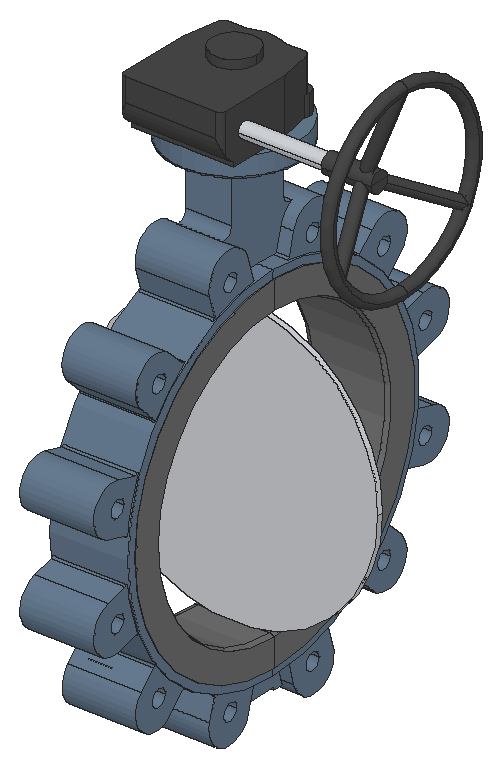
Revit family "Запорно-регулирующая заслонка с ручным редукторным приводом AF-4219", category Rohrzubehör, Revit 2019 (continued)
Dimensions and locks
  "D04": Revolve 6 sketch curve to plane 2  (x2)
  "D02": Revolve 6 sketch curve to plane 2  (x2)
  "L03": plane 3 "Mitte (Links/rechts)" to Revolve 6 sketch curve
  "L02": Revolve 6 sketch curve to plane 3 "Mitte (Links/rechts)"
  "L03": Revolve 6 sketch curve to plane 3 "Mitte (Links/rechts)"
  "L01": plane 3 "Mitte (Links/rechts)" to Revolve 1 sketch curve
  "D02": Revolve 1 sketch curve to plane 2
  "L02": plane 3 "Mitte (Links/rechts)" to Revolve 6 sketch curve
  "D03": plane 2 to Revolve 6 sketch curve
  "L04": Revolve 6 sketch curve to plane 3 "Mitte (Links/rechts)" to Revolve 6 sketch curve
  "L01": curve 2 to plane 3 "Mitte (Links/rechts)" to curve 4
  equal spacing: curve 3, curve 6, curve 1
  equal spacing: curve 2, curve 6, curve 4
  "D01": curve 1 to plane 1 "Mitte (Vorne/hinten)" to curve 3
  "L01": curve 7 to curve 12 to curve 9
  "D01": curve 10 to curve 12 to curve 8
  "R99": radius of Revolve 2 sketch curve
  "D06": radius of Extrusion 7 sketch curve
  radius of curve 6 = 5 mm
  radius of curve 12 = 5 mm
  aligned and locked: level to plane 2
Automatic sketch dimensions
  Extrusion 3 sketch curve to Extrusion 3 sketch curve = 0 mm  (x20)
  Extrusion 3 sketch curve to level = 0 mm
  Extrusion 3 sketch curve to plane 1 "Mitte (Vorne/hinten)" = 0 mm
  plane 1 "Mitte (Vorne/hinten)" to Extrusion 3 sketch curve = 18.495 mm  (x2)
  Extrusion 3 sketch curve to Extrusion 3 sketch curve = 1.414 mm  (x16)
  Extrusion 3 sketch curve to Extrusion 3 sketch curve = 12.265 mm  (x8)
  Extrusion 3 sketch curve to level = 19.909 mm  (x2)
  Extrusion 3 sketch curve to Extrusion 3 sketch curve = 24.042 mm  (x8)
  level to Extrusion 3 sketch curve = 19.909 mm  (x2)
  Extrusion 3 sketch curve to Extrusion 3 sketch curve = 12.021 mm  (x12)
  Extrusion 3 sketch curve to plane 1 "Mitte (Vorne/hinten)" = 18.495 mm  (x2)
  Extrusion 3 sketch curve to Extrusion 3 sketch curve = 0.934 mm  (x4)
  Extrusion 4 sketch curve to level = 0 mm
  Extrusion 4 sketch curve to plane 1 "Mitte (Vorne/hinten)" = 0 mm
  plane 1 "Mitte (Vorne/hinten)" to Extrusion 4 sketch curve = 18.495 mm
  Extrusion 4 sketch curve to Extrusion 4 sketch curve = 1.414 mm  (x4)
  plane 1 "Mitte (Vorne/hinten)" to Extrusion 4 sketch curve = 20 mm
  Extrusion 4 sketch curve to Extrusion 4 sketch curve = 12.265 mm  (x2)
  Extrusion 4 sketch curve to Extrusion 4 sketch curve = 15 mm  (x2)
  Extrusion 4 sketch curve to Extrusion 4 sketch curve = 12.021 mm  (x4)
  Extrusion 4 sketch curve to plane 1 "Mitte (Vorne/hinten)" = 18.495 mm
  Extrusion 4 sketch curve to plane 1 "Mitte (Vorne/hinten)" = 20 mm
  level to Extrusion 4 sketch curve = 43.95 mm
  Extrusion 4 sketch curve to Extrusion 4 sketch curve = 0 mm
  Extrusion 4 sketch curve to Extrusion 4 sketch curve = 0.244 mm  (x2)
  Extrusion 4 sketch curve to Extrusion 4 sketch curve = 18.63 mm  (x2)
  Extrusion 4 sketch curve to Extrusion 4 sketch curve = 0.934 mm
  Extrusion 5 sketch curve to level = 0 mm
  Extrusion 5 sketch curve to plane 1 "Mitte (Vorne/hinten)" = 0 mm
  plane 1 "Mitte (Vorne/hinten)" to Extrusion 5 sketch curve = 15 mm
  Extrusion 5 sketch curve to Extrusion 5 sketch curve = 1.963 mm  (x2)
  Extrusion 5 sketch curve to Extrusion 5 sketch curve = 1.531 mm  (x2)
  Extrusion 5 sketch curve to Extrusion 5 sketch curve = 1.414 mm  (x4)
  Extrusion 5 sketch curve to Extrusion 5 sketch curve = 15.21 mm  (x2)
  Extrusion 5 sketch curve to Extrusion 5 sketch curve = 1.66 mm  (x2)
  Extrusion 5 sketch curve to Extrusion 5 sketch curve = 12.021 mm  (x3)
  Extrusion 5 sketch curve to plane 1 "Mitte (Vorne/hinten)" = 15 mm
  Extrusion 5 sketch curve to Extrusion 5 sketch curve = 1.037 mm  (x2)
  Extrusion 5 sketch curve to Extrusion 5 sketch curve = 1.4 mm  (x2)
  Extrusion 5 sketch curve to Extrusion 5 sketch curve = 1.785 mm  (x2)
  Extrusion 5 sketch curve to Extrusion 5 sketch curve = 12.635 mm  (x2)
  Extrusion 5 sketch curve to Extrusion 5 sketch curve = 0.934 mm
  Extrusion 5 sketch curve to Extrusion 5 sketch curve = 0.788 mm  (x2)
  Extrusion 5 sketch curve to Extrusion 5 sketch curve = 0 mm  (x2)
  Extrusion 4 sketch curve to Extrusion 4 sketch curve = 37.155 mm
  Extrusion 5 sketch curve to level = 43.95 mm
  Extrusion 8 sketch curve to Extrusion 8 sketch curve = 0 mm  (x12)
  Extrusion 8 sketch curve to level = 39.244 mm  (x2)
  plane 1 "Mitte (Vorne/hinten)" to Extrusion 8 sketch curve = 63.286 mm
  level to Extrusion 8 sketch curve = 39.244 mm  (x2)
  Extrusion 8 sketch curve to Extrusion 8 sketch curve = 9.19 mm  (x2)
  level to Extrusion 8 sketch curve = 28.614 mm  (x2)
  Extrusion 8 sketch curve to Extrusion 8 sketch curve = 1.441 mm  (x8)
  Extrusion 8 sketch curve to level = 28.614 mm  (x2)
  Extrusion 8 sketch curve to Extrusion 8 sketch curve = 12.021 mm  (x6)
  level to Extrusion 8 sketch curve = 63.286 mm  (x2)
  Extrusion 8 sketch curve to level = 63.286 mm  (x2)
  level to Extrusion 8 sketch curve = 52.636 mm  (x2)
  Extrusion 8 sketch curve to Extrusion 8 sketch curve = 10.65 mm  (x4)
  Extrusion 8 sketch curve to level = 52.636 mm  (x2)
  Extrusion 8 sketch curve to Extrusion 8 sketch curve = 1.414 mm  (x8)
  level to Extrusion 8 sketch curve = 0.001 mm  (x2)
  Extrusion 8 sketch curve to Extrusion 8 sketch curve = 28.594 mm
  Extrusion 8 sketch curve to level = 0.001 mm  (x2)
  Extrusion 8 sketch curve to Extrusion 8 sketch curve = 0.001 mm  (x2)
  Extrusion 8 sketch curve to Extrusion 8 sketch curve = 54.361 mm  (x2)
  Extrusion 8 sketch curve to Extrusion 8 sketch curve = 1.39 mm  (x2)
  Extrusion 8 sketch curve to Extrusion 8 sketch curve = 10.63 mm  (x2)
  Extrusion 8 sketch curve to Extrusion 8 sketch curve = 1.832 mm  (x2)
  Extrusion 9 sketch curve to Extrusion 9 sketch curve = 0 mm  (x5)
  Extrusion 9 sketch curve to level = 0 mm
  Extrusion 9 sketch curve to level = 51.265 mm
  plane 1 "Mitte (Vorne/hinten)" to Extrusion 9 sketch curve = 51.265 mm
  level to Extrusion 9 sketch curve = 51.265 mm
  Extrusion 9 sketch curve to Extrusion 9 sketch curve = 9.247 mm  (x3)
  Extrusion 9 sketch curve to level = 63.286 mm  (x2)
  Extrusion 9 sketch curve to Extrusion 9 sketch curve = 2.774 mm  (x4)
  level to Extrusion 9 sketch curve = 63.286 mm  (x2)
  Extrusion 9 sketch curve to Extrusion 9 sketch curve = 2.244 mm  (x2)
  Extrusion 9 sketch curve to Extrusion 9 sketch curve = 0.183 mm  (x2)
  level to Extrusion 9 sketch curve = 52.636 mm  (x2)
  Extrusion 9 sketch curve to Extrusion 9 sketch curve = 10.65 mm  (x3)
  Extrusion 9 sketch curve to level = 52.636 mm  (x2)
  Extrusion 9 sketch curve to Extrusion 9 sketch curve = 1.414 mm  (x8)
  Extrusion 9 sketch curve to Extrusion 9 sketch curve = 14.817 mm  (x2)
  Extrusion 9 sketch curve to Extrusion 9 sketch curve = 7.21 mm
  Extrusion 9 sketch curve to Extrusion 9 sketch curve = 1.971 mm
  Extrusion 9 sketch curve to Extrusion 9 sketch curve = 28.595 mm
  Extrusion 9 sketch curve to Extrusion 9 sketch curve = 36 mm
  Extrusion 9 sketch curve to Extrusion 9 sketch curve = 1.997 mm
  Extrusion 9 sketch curve to Extrusion 9 sketch curve = 44 mm
  Extrusion 9 sketch curve to Extrusion 9 sketch curve = 5.181 mm
  Extrusion 9 sketch curve to Extrusion 9 sketch curve = 7.184 mm
  Extrusion 9 sketch curve to Extrusion 9 sketch curve = 12.021 mm  (x2)
  Extrusion 9 sketch curve to Extrusion 9 sketch curve = 14.891 mm
  Extrusion 9 sketch curve to Extrusion 9 sketch curve = 6.473 mm
  Extrusion 9 sketch curve to Extrusion 9 sketch curve = 12.756 mm  (x2)
  Extrusion 9 sketch curve to Extrusion 9 sketch curve = 55.987 mm
  Extrusion 10 sketch curve to Extrusion 10 sketch curve = 0 mm  (x48)
  level to Extrusion 10 sketch curve = 14.909 mm  (x2)
  plane 1 "Mitte (Vorne/hinten)" to Extrusion 10 sketch curve = 80.416 mm
  Extrusion 10 sketch curve to level = 14.909 mm  (x2)
  Extrusion 10 sketch curve to Extrusion 10 sketch curve = 6.506 mm  (x6)
  Extrusion 10 sketch curve to level = 46.321 mm  (x2)
  level to Extrusion 10 sketch curve = 46.321 mm  (x2)
  Extrusion 10 sketch curve to level = 7.243 mm
  Extrusion 10 sketch curve to Extrusion 10 sketch curve = 13.321 mm
  level to Extrusion 10 sketch curve = 7.243 mm
  Extrusion 10 sketch curve to level = 9.076 mm  (x2)
  Extrusion 10 sketch curve to Extrusion 10 sketch curve = 0.759 mm  (x8)
  level to Extrusion 10 sketch curve = 9.076 mm  (x2)
  level to Extrusion 10 sketch curve = 40.487 mm  (x2)
  Extrusion 10 sketch curve to Extrusion 10 sketch curve = 14.082 mm  (x4)
  Extrusion 10 sketch curve to level = 40.487 mm  (x2)
  Extrusion 10 sketch curve to Extrusion 10 sketch curve = 0.758 mm  (x8)
  level to Extrusion 10 sketch curve = 67.405 mm  (x2)
  Extrusion 10 sketch curve to Extrusion 10 sketch curve = 6.243 mm  (x2)
  Extrusion 10 sketch curve to level = 67.405 mm  (x2)
  Extrusion 10 sketch curve to Extrusion 10 sketch curve = 10.245 mm  (x4)
  level to Extrusion 10 sketch curve = 53.322 mm  (x2)
  Extrusion 10 sketch curve to Extrusion 10 sketch curve = 1.831 mm  (x8)
  Extrusion 10 sketch curve to level = 53.322 mm  (x2)
  Extrusion 10 sketch curve to Extrusion 10 sketch curve = 15.706 mm  (x6)
  level to Extrusion 10 sketch curve = 80.416 mm  (x2)
  Extrusion 10 sketch curve to level = 80.416 mm  (x2)
  Extrusion 10 sketch curve to level = 66.335 mm  (x2)
  Extrusion 10 sketch curve to Extrusion 10 sketch curve = 5.832 mm  (x4)
  level to Extrusion 10 sketch curve = 66.335 mm  (x2)
  Extrusion 10 sketch curve to Extrusion 10 sketch curve = 1.833 mm  (x6)
  level to Extrusion 10 sketch curve = 0 mm
  Extrusion 10 sketch curve to Extrusion 10 sketch curve = 14.486 mm  (x2)
  Extrusion 10 sketch curve to Extrusion 10 sketch curve = 9.873 mm  (x2)
  Extrusion 10 sketch curve to Extrusion 10 sketch curve = 5.833 mm  (x2)
  Extrusion 10 sketch curve to Extrusion 10 sketch curve = 13.013 mm
  Extrusion 10 sketch curve to Extrusion 10 sketch curve = 14.081 mm  (x2)
  Extrusion 10 sketch curve to Extrusion 10 sketch curve = 1.973 mm  (x4)
  Extrusion 10 sketch curve to Extrusion 10 sketch curve = 1.544 mm  (x4)
  Extrusion 10 sketch curve to Extrusion 10 sketch curve = 1.243 mm  (x3)
  Extrusion 10 sketch curve to Extrusion 10 sketch curve = 0.211 mm  (x2)
  Extrusion 10 sketch curve to Extrusion 10 sketch curve = 0.002 mm  (x5)
  Extrusion 10 sketch curve to Extrusion 10 sketch curve = 0.213 mm  (x2)
  Extrusion 10 sketch curve to Extrusion 10 sketch curve = 41.076 mm
  Extrusion 10 sketch curve to level = 0 mm
  level to Extrusion 11 sketch curve = 100.814 mm
  plane 1 "Mitte (Vorne/hinten)" to Extrusion 11 sketch curve = 32 mm
  Extrusion 11 sketch curve to Extrusion 11 sketch curve = 1.385 mm
  Extrusion 11 sketch curve to Extrusion 11 sketch curve = 10 mm  (x2)
  Extrusion 11 sketch curve to level = 80.416 mm
  Extrusion 11 sketch curve to Extrusion 11 sketch curve = 15.706 mm  (x3)
  level to Extrusion 11 sketch curve = 80.416 mm  (x2)
  Extrusion 11 sketch curve to Extrusion 11 sketch curve = 1.409 mm
  Extrusion 11 sketch curve to level = 66.335 mm  (x2)
  Extrusion 11 sketch curve to Extrusion 11 sketch curve = 5.832 mm  (x3)
  level to Extrusion 11 sketch curve = 66.335 mm  (x2)
  Extrusion 11 sketch curve to Extrusion 11 sketch curve = 1.833 mm  (x4)
  level to Extrusion 11 sketch curve = 0.554 mm
  Extrusion 11 sketch curve to Extrusion 11 sketch curve = 9.076 mm
  Extrusion 11 sketch curve to level = 0.554 mm
  Extrusion 11 sketch curve to Extrusion 11 sketch curve = 0 mm  (x3)
  Extrusion 11 sketch curve to Extrusion 11 sketch curve = 14.486 mm  (x2)
  Extrusion 11 sketch curve to Extrusion 11 sketch curve = 44 mm
  Extrusion 11 sketch curve to Extrusion 11 sketch curve = 0.759 mm  (x4)
  Extrusion 11 sketch curve to Extrusion 11 sketch curve = 6.506 mm
  Extrusion 11 sketch curve to Extrusion 11 sketch curve = 42.686 mm
  Extrusion 11 sketch curve to level = 80.371 mm
  Extrusion 11 sketch curve to Extrusion 11 sketch curve = 1.39 mm
  Extrusion 11 sketch curve to Extrusion 11 sketch curve = 27 mm
  Extrusion 12 sketch curve to Extrusion 12 sketch curve = 0 mm  (x40)
  Extrusion 12 sketch curve to level = 0 mm
  level to Extrusion 12 sketch curve = 18.736 mm  (x2)
  plane 1 "Mitte (Vorne/hinten)" to Extrusion 12 sketch curve = 89.655 mm
  Extrusion 12 sketch curve to level = 18.736 mm  (x2)
  Extrusion 12 sketch curve to Extrusion 12 sketch curve = 6.506 mm  (x6)
  Extrusion 12 sketch curve to level = 50.147 mm  (x2)
  level to Extrusion 12 sketch curve = 50.147 mm  (x2)
  Extrusion 12 sketch curve to Extrusion 12 sketch curve = 13.415 mm  (x2)
  Extrusion 12 sketch curve to level = 12.858 mm  (x2)
  Extrusion 12 sketch curve to Extrusion 12 sketch curve = 0.776 mm  (x8)
  level to Extrusion 12 sketch curve = 12.858 mm  (x2)
  Extrusion 12 sketch curve to level = 44.269 mm  (x2)
  Extrusion 12 sketch curve to Extrusion 12 sketch curve = 14.192 mm  (x4)
  level to Extrusion 12 sketch curve = 44.269 mm  (x2)
  Extrusion 12 sketch curve to Extrusion 12 sketch curve = 0.775 mm  (x8)
  level to Extrusion 12 sketch curve = 76.644 mm  (x2)
  Extrusion 12 sketch curve to Extrusion 12 sketch curve = 11.529 mm  (x2)
  Extrusion 12 sketch curve to level = 76.644 mm  (x2)
  Extrusion 12 sketch curve to Extrusion 12 sketch curve = 4.008 mm  (x2)
  level to Extrusion 12 sketch curve = 62.451 mm  (x2)
  Extrusion 12 sketch curve to Extrusion 12 sketch curve = 1.871 mm  (x8)
  Extrusion 12 sketch curve to level = 62.451 mm  (x2)
  Extrusion 12 sketch curve to Extrusion 12 sketch curve = 15.706 mm  (x6)
  level to Extrusion 12 sketch curve = 89.655 mm  (x2)
  Extrusion 12 sketch curve to level = 89.655 mm  (x2)
  Extrusion 12 sketch curve to level = 75.464 mm  (x2)
  Extrusion 12 sketch curve to Extrusion 12 sketch curve = 5.878 mm  (x4)
  level to Extrusion 12 sketch curve = 75.464 mm  (x2)
  Extrusion 12 sketch curve to Extrusion 12 sketch curve = 1.873 mm  (x8)
  Extrusion 12 sketch curve to Extrusion 12 sketch curve = 21.969 mm  (x2)
  Extrusion 12 sketch curve to Extrusion 12 sketch curve = 9.827 mm  (x2)
  Extrusion 12 sketch curve to Extrusion 12 sketch curve = 5.879 mm  (x2)
  Extrusion 12 sketch curve to Extrusion 12 sketch curve = 15.537 mm  (x2)
  Extrusion 12 sketch curve to Extrusion 12 sketch curve = 13.013 mm
  Extrusion 12 sketch curve to Extrusion 12 sketch curve = 14.19 mm  (x2)
  Extrusion 12 sketch curve to Extrusion 12 sketch curve = 44.269 mm
  Extrusion 13 sketch curve to Extrusion 13 sketch curve = 0 mm  (x5)
  Extrusion 13 sketch curve to level = 0 mm
  level to Extrusion 13 sketch curve = 114.47 mm
  plane 1 "Mitte (Vorne/hinten)" to Extrusion 13 sketch curve = 41 mm
  Extrusion 13 sketch curve to level = 83.149 mm
  Extrusion 13 sketch curve to Extrusion 13 sketch curve = 6.558 mm  (x2)
  Extrusion 13 sketch curve to Extrusion 13 sketch curve = 15 mm  (x2)
  level to Extrusion 13 sketch curve = 89.655 mm  (x2)
  Extrusion 13 sketch curve to Extrusion 13 sketch curve = 15.706 mm  (x2)
  Extrusion 13 sketch curve to Extrusion 13 sketch curve = 5.236 mm  (x2)
  level to Extrusion 13 sketch curve = 75.464 mm  (x2)
  Extrusion 13 sketch curve to Extrusion 13 sketch curve = 5.878 mm  (x3)
  Extrusion 13 sketch curve to level = 75.464 mm  (x2)
  Extrusion 13 sketch curve to Extrusion 13 sketch curve = 1.873 mm  (x4)
  Extrusion 13 sketch curve to Extrusion 13 sketch curve = 12.858 mm
  Extrusion 13 sketch curve to Extrusion 13 sketch curve = 21.969 mm
  Extrusion 13 sketch curve to Extrusion 13 sketch curve = 3.345 mm
  Extrusion 13 sketch curve to Extrusion 13 sketch curve = 3 mm  (x2)
  Extrusion 13 sketch curve to Extrusion 13 sketch curve = 6.506 mm  (x3)
  Extrusion 13 sketch curve to Extrusion 13 sketch curve = 0.776 mm  (x4)
  Extrusion 13 sketch curve to Extrusion 13 sketch curve = 31.321 mm
  Extrusion 13 sketch curve to Extrusion 13 sketch curve = 52.53 mm
  Extrusion 13 sketch curve to Extrusion 13 sketch curve = 11.129 mm  (x2)
  Extrusion 13 sketch curve to Extrusion 13 sketch curve = 9.812 mm  (x2)
  Extrusion 13 sketch curve to Extrusion 13 sketch curve = 3.078 mm
  Extrusion 13 sketch curve to Extrusion 13 sketch curve = 21.68 mm
  Extrusion 13 sketch curve to Extrusion 13 sketch curve = 2.515 mm
  Extrusion 13 sketch curve to Extrusion 13 sketch curve = 52 mm
  Extrusion 14 sketch curve to Extrusion 14 sketch curve = 0 mm  (x22)
  Extrusion 14 sketch curve to level = 24.476 mm  (x2)
  plane 1 "Mitte (Vorne/hinten)" to Extrusion 14 sketch curve = 103.513 mm
  level to Extrusion 14 sketch curve = 24.476 mm  (x2)
  Extrusion 14 sketch curve to Extrusion 14 sketch curve = 6.506 mm  (x6)
  Extrusion 14 sketch curve to Extrusion 14 sketch curve = 11.623 mm  (x2)
  Extrusion 14 sketch curve to level = 19.351 mm  (x2)
  Extrusion 14 sketch curve to Extrusion 14 sketch curve = 0.749 mm  (x8)
  level to Extrusion 14 sketch curve = 19.351 mm  (x2)
  Extrusion 14 sketch curve to level = 55.888 mm  (x2)
  level to Extrusion 14 sketch curve = 55.888 mm  (x2)
  Extrusion 14 sketch curve to level = 50.783 mm  (x2)
  Extrusion 14 sketch curve to Extrusion 14 sketch curve = 12.323 mm  (x4)
  level to Extrusion 14 sketch curve = 50.783 mm  (x2)
  Extrusion 14 sketch curve to Extrusion 14 sketch curve = 0.774 mm  (x8)
  level to Extrusion 14 sketch curve = 90.502 mm  (x2)
  Extrusion 14 sketch curve to Extrusion 14 sketch curve = 21.517 mm  (x2)
  Extrusion 14 sketch curve to level = 90.502 mm  (x2)
  Extrusion 14 sketch curve to Extrusion 14 sketch curve = 3.235 mm  (x2)
  Extrusion 14 sketch curve to level = 78.179 mm  (x2)
  Extrusion 14 sketch curve to Extrusion 14 sketch curve = 1.869 mm  (x8)
  level to Extrusion 14 sketch curve = 78.179 mm  (x2)
  Extrusion 14 sketch curve to Extrusion 14 sketch curve = 15.706 mm  (x6)
  level to Extrusion 14 sketch curve = 103.513 mm  (x2)
  Extrusion 14 sketch curve to level = 103.513 mm  (x2)
  level to Extrusion 14 sketch curve = 91.141 mm  (x2)
  Extrusion 14 sketch curve to Extrusion 14 sketch curve = 5.125 mm  (x4)
  Extrusion 14 sketch curve to level = 91.141 mm  (x2)
  Extrusion 14 sketch curve to Extrusion 14 sketch curve = 1.809 mm  (x8)
  Extrusion 14 sketch curve to level = 0.103 mm  (x2)
  Extrusion 14 sketch curve to Extrusion 14 sketch curve = 90.896 mm
  level to Extrusion 14 sketch curve = 0.103 mm  (x2)
  Extrusion 14 sketch curve to Extrusion 14 sketch curve = 0.142 mm  (x7)
  Extrusion 14 sketch curve to Extrusion 14 sketch curve = 0.207 mm  (x2)
  Extrusion 14 sketch curve to Extrusion 14 sketch curve = 35.084 mm  (x2)
  Extrusion 14 sketch curve to Extrusion 14 sketch curve = 10.601 mm  (x2)
  Extrusion 14 sketch curve to Extrusion 14 sketch curve = 5.104 mm  (x2)
  Extrusion 14 sketch curve to Extrusion 14 sketch curve = 24.752 mm  (x2)
  Extrusion 14 sketch curve to Extrusion 14 sketch curve = 12.962 mm  (x2)
  Extrusion 14 sketch curve to Extrusion 14 sketch curve = 12.372 mm  (x2)
  Extrusion 14 sketch curve to level = 0.245 mm
  Extrusion 14 sketch curve to Extrusion 14 sketch curve = 1.933 mm  (x2)
  Extrusion 14 sketch curve to Extrusion 14 sketch curve = 0.314 mm  (x2)
  level to Extrusion 15 sketch curve = 97.007 mm
  plane 1 "Mitte (Vorne/hinten)" to Extrusion 15 sketch curve = 40.182 mm
  Extrusion 15 sketch curve to level = 97.007 mm
  Extrusion 15 sketch curve to Extrusion 15 sketch curve = 0 mm  (x7)
  Extrusion 15 sketch curve to Extrusion 15 sketch curve = 4.132 mm
  Extrusion 15 sketch curve to Extrusion 15 sketch curve = 10.048 mm  (x2)
  Extrusion 15 sketch curve to Extrusion 15 sketch curve = 15.706 mm  (x3)
  level to Extrusion 15 sketch curve = 103.513 mm  (x2)
  level to Extrusion 15 sketch curve = 91.141 mm  (x2)
  Extrusion 15 sketch curve to Extrusion 15 sketch curve = 5.125 mm  (x3)
  Extrusion 15 sketch curve to level = 91.141 mm  (x2)
  Extrusion 15 sketch curve to Extrusion 15 sketch curve = 1.809 mm  (x4)
  Extrusion 15 sketch curve to Extrusion 15 sketch curve = 10.974 mm  (x2)
  Extrusion 15 sketch curve to level = 0.111 mm
  Extrusion 15 sketch curve to Extrusion 15 sketch curve = 19.35 mm
  level to Extrusion 15 sketch curve = 0.111 mm
  Extrusion 15 sketch curve to Extrusion 15 sketch curve = 35.081 mm
  Extrusion 15 sketch curve to Extrusion 15 sketch curve = 4.041 mm
  Extrusion 15 sketch curve to level = 103.513 mm
  Extrusion 15 sketch curve to Extrusion 15 sketch curve = 9.998 mm  (x2)
  Extrusion 15 sketch curve to Extrusion 15 sketch curve = 3 mm
  Extrusion 15 sketch curve to Extrusion 15 sketch curve = 6.505 mm  (x2)
  Extrusion 15 sketch curve to Extrusion 15 sketch curve = 0.749 mm  (x4)
  Extrusion 15 sketch curve to Extrusion 15 sketch curve = 20.176 mm  (x2)
  Extrusion 15 sketch curve to Extrusion 15 sketch curve = 62.311 mm
  Extrusion 15 sketch curve to Extrusion 15 sketch curve = 0.048 mm
  Extrusion 15 sketch curve to Extrusion 15 sketch curve = 11.626 mm  (x2)
  Extrusion 15 sketch curve to Extrusion 15 sketch curve = 27 mm
  Extrusion 15 sketch curve to Extrusion 15 sketch curve = 52 mm
  Extrusion 16 sketch curve to Extrusion 16 sketch curve = 0 mm  (x23)
  Extrusion 16 sketch curve to level = 26.521 mm  (x2)
  plane 1 "Mitte (Vorne/hinten)" to Extrusion 16 sketch curve = 118.902 mm
  level to Extrusion 16 sketch curve = 26.521 mm  (x2)
  Extrusion 16 sketch curve to Extrusion 16 sketch curve = 8.036 mm  (x6)
  Extrusion 16 sketch curve to Extrusion 16 sketch curve = 15.875 mm  (x2)
  level to Extrusion 16 sketch curve = 65.323 mm  (x2)
  Extrusion 16 sketch curve to level = 65.323 mm  (x2)
  level to Extrusion 16 sketch curve = 19.621 mm  (x2)
  Extrusion 16 sketch curve to Extrusion 16 sketch curve = 0.782 mm  (x8)
  Extrusion 16 sketch curve to level = 19.621 mm  (x2)
  Extrusion 16 sketch curve to level = 58.409 mm  (x2)
  Extrusion 16 sketch curve to Extrusion 16 sketch curve = 16.693 mm  (x4)
  level to Extrusion 16 sketch curve = 58.409 mm  (x2)
  Extrusion 16 sketch curve to Extrusion 16 sketch curve = 0.763 mm  (x8)
  Extrusion 16 sketch curve to level = 102.829 mm  (x2)
  Extrusion 16 sketch curve to Extrusion 16 sketch curve = 20.05 mm  (x2)
  level to Extrusion 16 sketch curve = 102.829 mm  (x2)
  Extrusion 16 sketch curve to Extrusion 16 sketch curve = 5.074 mm  (x2)
  level to Extrusion 16 sketch curve = 86.136 mm  (x2)
  Extrusion 16 sketch curve to Extrusion 16 sketch curve = 1.841 mm  (x8)
  Extrusion 16 sketch curve to level = 86.136 mm  (x2)
  Extrusion 16 sketch curve to Extrusion 16 sketch curve = 19.401 mm  (x6)
  level to Extrusion 16 sketch curve = 118.902 mm  (x2)
  Extrusion 16 sketch curve to level = 118.902 mm  (x2)
  level to Extrusion 16 sketch curve = 102.246 mm  (x2)
  Extrusion 16 sketch curve to Extrusion 16 sketch curve = 6.899 mm  (x4)
  Extrusion 16 sketch curve to level = 102.246 mm  (x2)
  Extrusion 16 sketch curve to Extrusion 16 sketch curve = 1.887 mm  (x8)
  level to Extrusion 16 sketch curve = 0.002 mm  (x2)
  Extrusion 16 sketch curve to Extrusion 16 sketch curve = 86.133 mm
  Extrusion 16 sketch curve to level = 0.002 mm
  Extrusion 16 sketch curve to Extrusion 16 sketch curve = 0.001 mm  (x8)
  Extrusion 16 sketch curve to Extrusion 16 sketch curve = 35.469 mm  (x2)
  Extrusion 16 sketch curve to Extrusion 16 sketch curve = 12.487 mm  (x2)
  Extrusion 16 sketch curve to Extrusion 16 sketch curve = 6.914 mm  (x2)
  Extrusion 16 sketch curve to Extrusion 16 sketch curve = 25.124 mm  (x2)
  Extrusion 16 sketch curve to Extrusion 16 sketch curve = 16.11 mm
  Extrusion 16 sketch curve to Extrusion 16 sketch curve = 16.656 mm  (x2)
  Extrusion 16 sketch curve to level = 0.003 mm
  Extrusion 16 sketch curve to Extrusion 16 sketch curve = 2.019 mm  (x2)
  Extrusion 16 sketch curve to Extrusion 16 sketch curve = 0.309 mm  (x2)
  Extrusion 16 sketch curve to Extrusion 16 sketch curve = 0.004 mm  (x2)
  Extrusion 17 sketch curve to Extrusion 17 sketch curve = 0 mm  (x7)
  Extrusion 17 sketch curve to level = 0 mm
  Extrusion 17 sketch curve to plane 1 "Mitte (Vorne/hinten)" = 0 mm
  plane 1 "Mitte (Vorne/hinten)" to Extrusion 17 sketch curve = 13.5 mm
  plane 1 "Mitte (Vorne/hinten)" to Extrusion 17 sketch curve = 17.734 mm  (x2)
  Extrusion 17 sketch curve to Extrusion 17 sketch curve = 1.887 mm  (x4)
  plane 1 "Mitte (Vorne/hinten)" to Extrusion 17 sketch curve = 26 mm
  Extrusion 17 sketch curve to Extrusion 17 sketch curve = 0.521 mm
  Extrusion 17 sketch curve to Extrusion 17 sketch curve = 13.021 mm  (x2)
  Extrusion 17 sketch curve to Extrusion 17 sketch curve = 4.341 mm  (x2)
  Extrusion 17 sketch curve to Extrusion 17 sketch curve = 10 mm  (x2)
  Extrusion 17 sketch curve to Extrusion 17 sketch curve = 19.401 mm  (x4)
  Extrusion 17 sketch curve to plane 1 "Mitte (Vorne/hinten)" = 13.5 mm
  Extrusion 17 sketch curve to plane 1 "Mitte (Vorne/hinten)" = 17.734 mm  (x2)
  Extrusion 17 sketch curve to Extrusion 17 sketch curve = 6.899 mm
  Extrusion 17 sketch curve to level = 102.246 mm
  Extrusion 17 sketch curve to Extrusion 17 sketch curve = 0.782 mm  (x4)
  Extrusion 17 sketch curve to Extrusion 17 sketch curve = 8.62 mm  (x4)
  Extrusion 17 sketch curve to Extrusion 17 sketch curve = 16.656 mm  (x4)
  Extrusion 17 sketch curve to Extrusion 17 sketch curve = 3 mm
  level to Extrusion 17 sketch curve = 102.246 mm
  Extrusion 17 sketch curve to Extrusion 17 sketch curve = 16.098 mm  (x2)
  Extrusion 17 sketch curve to Extrusion 17 sketch curve = 64 mm
  Extrusion 17 sketch curve to Extrusion 17 sketch curve = 4.938 mm
  Extrusion 18 sketch curve to Extrusion 18 sketch curve = 0 mm  (x62)
  Extrusion 18 sketch curve to level = 0 mm
  Extrusion 18 sketch curve to level = 17.891 mm  (x2)
  plane 1 "Mitte (Vorne/hinten)" to Extrusion 18 sketch curve = 147.909 mm
  level to Extrusion 18 sketch curve = 17.891 mm  (x2)
  Extrusion 18 sketch curve to Extrusion 18 sketch curve = 5.435 mm  (x6)
  Extrusion 18 sketch curve to level = 58.46 mm  (x2)
  level to Extrusion 18 sketch curve = 58.46 mm  (x2)
  Extrusion 18 sketch curve to Extrusion 18 sketch curve = 15.462 mm  (x2)
  level to Extrusion 18 sketch curve = 13.612 mm  (x2)
  Extrusion 18 sketch curve to Extrusion 18 sketch curve = 0.509 mm  (x8)
  Extrusion 18 sketch curve to level = 13.612 mm  (x2)
  Extrusion 18 sketch curve to level = 54.199 mm  (x2)
  Extrusion 18 sketch curve to Extrusion 18 sketch curve = 15.903 mm  (x4)
  level to Extrusion 18 sketch curve = 54.199 mm  (x2)
  Extrusion 18 sketch curve to Extrusion 18 sketch curve = 0.53 mm  (x8)
  Extrusion 18 sketch curve to level = 89.449 mm  (x2)
  Extrusion 18 sketch curve to Extrusion 18 sketch curve = 1.459 mm  (x2)
  level to Extrusion 18 sketch curve = 89.449 mm  (x2)
  Extrusion 18 sketch curve to Extrusion 18 sketch curve = 10.302 mm  (x2)
  Extrusion 18 sketch curve to level = 77.758 mm  (x2)
  Extrusion 18 sketch curve to Extrusion 18 sketch curve = 1.389 mm  (x8)
  level to Extrusion 18 sketch curve = 77.758 mm  (x2)
  Extrusion 18 sketch curve to Extrusion 18 sketch curve = 14.849 mm  (x6)
  Extrusion 18 sketch curve to level = 119.147 mm  (x2)
  level to Extrusion 18 sketch curve = 119.147 mm  (x2)
  level to Extrusion 18 sketch curve = 107.506 mm  (x2)
  Extrusion 18 sketch curve to Extrusion 18 sketch curve = 11.642 mm  (x4)
  Extrusion 18 sketch curve to level = 107.506 mm  (x2)
  Extrusion 18 sketch curve to Extrusion 18 sketch curve = 1.448 mm  (x8)
  level to Extrusion 18 sketch curve = 137.039 mm  (x2)
  Extrusion 18 sketch curve to Extrusion 18 sketch curve = 17.899 mm  (x2)
  Extrusion 18 sketch curve to level = 137.039 mm  (x2)
  Extrusion 18 sketch curve to Extrusion 18 sketch curve = 2.283 mm  (x2)
  Extrusion 18 sketch curve to level = 121.136 mm  (x2)
  Extrusion 18 sketch curve to Extrusion 18 sketch curve = 1.978 mm  (x8)
  level to Extrusion 18 sketch curve = 121.136 mm  (x2)
  Extrusion 18 sketch curve to Extrusion 18 sketch curve = 20.284 mm  (x6)
  Extrusion 18 sketch curve to level = 147.909 mm  (x2)
  level to Extrusion 18 sketch curve = 147.909 mm  (x2)
  level to Extrusion 18 sketch curve = 131.939 mm  (x2)
  Extrusion 18 sketch curve to Extrusion 18 sketch curve = 4.279 mm  (x4)
  Extrusion 18 sketch curve to level = 131.939 mm  (x2)
  Extrusion 18 sketch curve to Extrusion 18 sketch curve = 1.898 mm  (x8)
  Extrusion 18 sketch curve to Extrusion 18 sketch curve = 13.612 mm
  Extrusion 18 sketch curve to Extrusion 18 sketch curve = 23.429 mm  (x2)
  Extrusion 18 sketch curve to Extrusion 18 sketch curve = 16.023 mm  (x2)
  Extrusion 18 sketch curve to Extrusion 18 sketch curve = 4.261 mm  (x2)
  Extrusion 18 sketch curve to Extrusion 18 sketch curve = 20.183 mm  (x2)
  Extrusion 18 sketch curve to Extrusion 18 sketch curve = 3.158 mm  (x2)
  Extrusion 18 sketch curve to Extrusion 18 sketch curve = 11.691 mm  (x2)
  Extrusion 18 sketch curve to Extrusion 18 sketch curve = 11.76 mm  (x2)
  Extrusion 18 sketch curve to Extrusion 18 sketch curve = 10.803 mm
  Extrusion 18 sketch curve to Extrusion 18 sketch curve = 15.97 mm  (x2)
  Extrusion 19 sketch curve to Extrusion 19 sketch curve = 0 mm  (x5)
  Extrusion 19 sketch curve to level = 0 mm
  Extrusion 19 sketch curve to level = 142.474 mm
  plane 1 "Mitte (Vorne/hinten)" to Extrusion 19 sketch curve = 38.176 mm
  level to Extrusion 19 sketch curve = 142.474 mm
  Extrusion 19 sketch curve to Extrusion 19 sketch curve = 8.163 mm
  Extrusion 19 sketch curve to Extrusion 19 sketch curve = 2.013 mm  (x2)
  Extrusion 19 sketch curve to level = 147.909 mm
  Extrusion 19 sketch curve to Extrusion 19 sketch curve = 20.284 mm  (x3)
  level to Extrusion 19 sketch curve = 147.909 mm  (x2)
  Extrusion 19 sketch curve to Extrusion 19 sketch curve = 10.109 mm
  Extrusion 19 sketch curve to level = 131.939 mm  (x2)
  Extrusion 19 sketch curve to Extrusion 19 sketch curve = 4.279 mm  (x4)
  level to Extrusion 19 sketch curve = 131.939 mm  (x2)
  Extrusion 19 sketch curve to Extrusion 19 sketch curve = 1.898 mm  (x4)
  Extrusion 19 sketch curve to Extrusion 19 sketch curve = 13.612 mm
  Extrusion 19 sketch curve to Extrusion 19 sketch curve = 23.429 mm  (x2)
  Extrusion 19 sketch curve to Extrusion 19 sketch curve = 56 mm
  Extrusion 19 sketch curve to Extrusion 19 sketch curve = 5.435 mm  (x2)
  Extrusion 19 sketch curve to Extrusion 19 sketch curve = 0.509 mm  (x4)
  Extrusion 19 sketch curve to Extrusion 19 sketch curve = 16.081 mm  (x2)
  Extrusion 19 sketch curve to Extrusion 19 sketch curve = 66.01 mm
  Extrusion 19 sketch curve to Extrusion 19 sketch curve = 1.832 mm  (x2)
  Extrusion 19 sketch curve to Extrusion 19 sketch curve = 0.173 mm
  Extrusion 20 sketch curve to level = 22.097 mm  (x2)
  plane 1 "Mitte (Vorne/hinten)" to Extrusion 20 sketch curve = 177.618 mm
  level to Extrusion 20 sketch curve = 22.097 mm  (x2)
  Extrusion 20 sketch curve to Extrusion 20 sketch curve = 0 mm  (x17)
  Extrusion 20 sketch curve to Extrusion 20 sketch curve = 6.47 mm  (x4)
  Extrusion 20 sketch curve to Extrusion 20 sketch curve = 2.415 mm  (x8)
  level to Extrusion 20 sketch curve = 70.393 mm  (x2)
  Extrusion 20 sketch curve to level = 70.393 mm  (x2)
  Extrusion 20 sketch curve to Extrusion 20 sketch curve = 18.556 mm  (x2)
  Extrusion 20 sketch curve to level = 16.983 mm  (x2)
  Extrusion 20 sketch curve to Extrusion 20 sketch curve = 0.529 mm  (x16)
  level to Extrusion 20 sketch curve = 16.983 mm  (x2)
  level to Extrusion 20 sketch curve = 65.28 mm  (x2)
  Extrusion 20 sketch curve to Extrusion 20 sketch curve = 19.085 mm  (x6)
  Extrusion 20 sketch curve to level = 65.28 mm  (x2)
  Extrusion 20 sketch curve to level = 107.956 mm  (x2)
  Extrusion 20 sketch curve to Extrusion 20 sketch curve = 2.085 mm  (x2)
  level to Extrusion 20 sketch curve = 107.956 mm  (x2)
  Extrusion 20 sketch curve to Extrusion 20 sketch curve = 12.527 mm  (x2)
  level to Extrusion 20 sketch curve = 93.984 mm  (x2)
  Extrusion 20 sketch curve to Extrusion 20 sketch curve = 1.445 mm  (x16)
  Extrusion 20 sketch curve to level = 93.984 mm  (x2)
  Extrusion 20 sketch curve to Extrusion 20 sketch curve = 17.678 mm  (x4)
  Extrusion 20 sketch curve to Extrusion 20 sketch curve = 1.768 mm  (x8)
  level to Extrusion 20 sketch curve = 143.311 mm  (x2)
  Extrusion 20 sketch curve to level = 143.311 mm  (x2)
  Extrusion 20 sketch curve to level = 129.34 mm  (x2)
  Extrusion 20 sketch curve to Extrusion 20 sketch curve = 13.971 mm  (x6)
  level to Extrusion 20 sketch curve = 129.34 mm  (x2)
  level to Extrusion 20 sketch curve = 164.981 mm  (x2)
  Extrusion 20 sketch curve to Extrusion 20 sketch curve = 22.118 mm  (x2)
  Extrusion 20 sketch curve to level = 164.981 mm  (x2)
  Extrusion 20 sketch curve to Extrusion 20 sketch curve = 3.14 mm  (x2)
  level to Extrusion 20 sketch curve = 145.897 mm  (x2)
  Extrusion 20 sketch curve to Extrusion 20 sketch curve = 1.974 mm  (x8)
  Extrusion 20 sketch curve to level = 145.897 mm  (x2)
  Extrusion 20 sketch curve to Extrusion 20 sketch curve = 24.148 mm  (x4)
  Extrusion 20 sketch curve to Extrusion 20 sketch curve = 0.647 mm  (x8)
  level to Extrusion 20 sketch curve = 177.922 mm  (x2)
  Extrusion 20 sketch curve to level = 177.922 mm  (x2)
  level to Extrusion 20 sketch curve = 158.837 mm  (x2)
  Extrusion 20 sketch curve to Extrusion 20 sketch curve = 5.114 mm  (x6)
  Extrusion 20 sketch curve to level = 158.837 mm  (x2)
  Extrusion 20 sketch curve to Extrusion 20 sketch curve = 1.973 mm  (x8)
  Extrusion 20 sketch curve to level = 0.226 mm  (x2)
  Extrusion 20 sketch curve to Extrusion 20 sketch curve = 158.098 mm
  level to Extrusion 20 sketch curve = 0.226 mm
  level to Extrusion 20 sketch curve = 0.072 mm
  Extrusion 20 sketch curve to Extrusion 20 sketch curve = 0.128 mm  (x3)
  Extrusion 20 sketch curve to level = 0.072 mm
  Extrusion 20 sketch curve to Extrusion 20 sketch curve = 0.061 mm  (x4)
  Extrusion 20 sketch curve to level = 0.036 mm  (x2)
  Extrusion 20 sketch curve to Extrusion 20 sketch curve = 0.324 mm
  Extrusion 20 sketch curve to Extrusion 20 sketch curve = 29.244 mm  (x2)
  Extrusion 20 sketch curve to Extrusion 20 sketch curve = 23.501 mm  (x2)
  Extrusion 20 sketch curve to Extrusion 20 sketch curve = 19.681 mm  (x2)
  Extrusion 20 sketch curve to Extrusion 20 sketch curve = 25.258 mm  (x2)
  Extrusion 20 sketch curve to Extrusion 20 sketch curve = 15.91 mm  (x2)
  Extrusion 20 sketch curve to Extrusion 20 sketch curve = 5.474 mm  (x2)
  Extrusion 20 sketch curve to Extrusion 20 sketch curve = 14.612 mm  (x2)
  Extrusion 20 sketch curve to Extrusion 20 sketch curve = 12.94 mm
  Extrusion 20 sketch curve to Extrusion 20 sketch curve = 4.056 mm  (x2)
  Extrusion 20 sketch curve to Extrusion 20 sketch curve = 0.035 mm  (x2)
  level to Extrusion 20 sketch curve = 0.036 mm  (x2)
  Extrusion 20 sketch curve to Extrusion 20 sketch curve = 0.154 mm
  Extrusion 20 sketch curve to Extrusion 20 sketch curve = 2.037 mm  (x4)
  Extrusion 20 sketch curve to Extrusion 20 sketch curve = 1.856 mm  (x4)
  Extrusion 20 sketch curve to Extrusion 20 sketch curve = 1.841 mm  (x4)
  Extrusion 20 sketch curve to Extrusion 20 sketch curve = 1.179 mm  (x4)
  Extrusion 20 sketch curve to Extrusion 20 sketch curve = 0.856 mm  (x4)
  Extrusion 20 sketch curve to Extrusion 20 sketch curve = 0.153 mm  (x4)
  level to Extrusion 21 sketch curve = 171.452 mm
  plane 1 "Mitte (Vorne/hinten)" to Extrusion 21 sketch curve = 45.94 mm
  Extrusion 21 sketch curve to level = 171.452 mm
  Extrusion 21 sketch curve to Extrusion 21 sketch curve = 0 mm  (x2)
  Extrusion 21 sketch curve to Extrusion 21 sketch curve = 6.907 mm
  Extrusion 21 sketch curve to Extrusion 21 sketch curve = 11.901 mm
  Extrusion 21 sketch curve to Extrusion 21 sketch curve = 1.957 mm  (x2)
  Extrusion 21 sketch curve to level = 177.922 mm  (x2)
  Extrusion 21 sketch curve to Extrusion 21 sketch curve = 17.241 mm
  level to Extrusion 21 sketch curve = 177.922 mm  (x2)
  Extrusion 21 sketch curve to Extrusion 21 sketch curve = 10.291 mm  (x2)
  Extrusion 21 sketch curve to Extrusion 21 sketch curve = 0.709 mm  (x2)
  level to Extrusion 21 sketch curve = 158.808 mm  (x2)
  Extrusion 21 sketch curve to Extrusion 21 sketch curve = 5.122 mm  (x3)
  Extrusion 21 sketch curve to level = 158.808 mm  (x2)
  Extrusion 21 sketch curve to Extrusion 21 sketch curve = 1.932 mm  (x4)
  level to Extrusion 21 sketch curve = 0.021 mm
  Extrusion 21 sketch curve to Extrusion 21 sketch curve = 16.588 mm
  Extrusion 21 sketch curve to Extrusion 21 sketch curve = 29.311 mm  (x2)
  Extrusion 21 sketch curve to Extrusion 21 sketch curve = 24.148 mm
  Extrusion 21 sketch curve to Extrusion 21 sketch curve = 17.557 mm
  Extrusion 21 sketch curve to Extrusion 21 sketch curve = 3 mm
  Extrusion 21 sketch curve to Extrusion 21 sketch curve = 6.47 mm  (x2)
  Extrusion 21 sketch curve to Extrusion 21 sketch curve = 0.518 mm  (x4)
  Extrusion 21 sketch curve to level = 0.021 mm
  Extrusion 21 sketch curve to Extrusion 21 sketch curve = 17.717 mm  (x2)
  Extrusion 21 sketch curve to Extrusion 21 sketch curve = 67.361 mm
  Extrusion 21 sketch curve to Extrusion 21 sketch curve = 0.12 mm  (x2)
  Extrusion 21 sketch curve to Extrusion 21 sketch curve = 17.951 mm
  Extrusion 21 sketch curve to Extrusion 21 sketch curve = 6.344 mm
  level to Extrusion 22 sketch curve = 28.91 mm  (x2)
  plane 1 "Mitte (Vorne/hinten)" to Extrusion 22 sketch curve = 204.485 mm
  Extrusion 22 sketch curve to level = 28.91 mm  (x2)
  Extrusion 22 sketch curve to Extrusion 22 sketch curve = 0 mm  (x9)
  Extrusion 22 sketch curve to Extrusion 22 sketch curve = 6.47 mm  (x4)
  Extrusion 22 sketch curve to Extrusion 22 sketch curve = 4.83 mm  (x8)
  Extrusion 22 sketch curve to level = 77.206 mm  (x2)
  level to Extrusion 22 sketch curve = 77.206 mm  (x2)
  Extrusion 22 sketch curve to Extrusion 22 sketch curve = 20.758 mm  (x2)
  level to Extrusion 22 sketch curve = 23.212 mm  (x2)
  Extrusion 22 sketch curve to Extrusion 22 sketch curve = 0.507 mm  (x8)
  Extrusion 22 sketch curve to level = 23.212 mm  (x2)
  Extrusion 22 sketch curve to level = 71.52 mm  (x2)
  Extrusion 22 sketch curve to Extrusion 22 sketch curve = 21.221 mm  (x4)
  level to Extrusion 22 sketch curve = 71.52 mm  (x2)
  Extrusion 22 sketch curve to Extrusion 22 sketch curve = 0.521 mm  (x8)
  level to Extrusion 22 sketch curve = 127.279 mm  (x2)
  Extrusion 22 sketch curve to Extrusion 22 sketch curve = 7.168 mm  (x2)
  Extrusion 22 sketch curve to level = 127.279 mm  (x2)
  Extrusion 22 sketch curve to Extrusion 22 sketch curve = 14.182 mm  (x2)
  Extrusion 22 sketch curve to level = 111.712 mm  (x2)
  Extrusion 22 sketch curve to Extrusion 22 sketch curve = 1.386 mm  (x8)
  level to Extrusion 22 sketch curve = 111.712 mm  (x2)
  Extrusion 22 sketch curve to Extrusion 22 sketch curve = 17.678 mm  (x4)
  Extrusion 22 sketch curve to Extrusion 22 sketch curve = 3.536 mm  (x8)
  level to Extrusion 22 sketch curve = 162.635 mm  (x2)
  Extrusion 22 sketch curve to level = 162.635 mm  (x2)
  Extrusion 22 sketch curve to level = 147.1 mm  (x2)
  Extrusion 22 sketch curve to Extrusion 22 sketch curve = 15.535 mm  (x4)
  level to Extrusion 22 sketch curve = 147.1 mm  (x2)
  Extrusion 22 sketch curve to Extrusion 22 sketch curve = 1.423 mm  (x8)
  level to Extrusion 22 sketch curve = 191.544 mm  (x2)
  Extrusion 22 sketch curve to Extrusion 22 sketch curve = 33.115 mm  (x2)
  Extrusion 22 sketch curve to level = 191.544 mm  (x2)
  Extrusion 22 sketch curve to Extrusion 22 sketch curve = 3.742 mm  (x2)
  Extrusion 22 sketch curve to level = 170.323 mm  (x2)
  Extrusion 22 sketch curve to Extrusion 22 sketch curve = 1.944 mm  (x8)
  level to Extrusion 22 sketch curve = 170.323 mm  (x2)
  Extrusion 22 sketch curve to Extrusion 22 sketch curve = 24.148 mm  (x4)
  Extrusion 22 sketch curve to Extrusion 22 sketch curve = 1.294 mm  (x8)
  Extrusion 22 sketch curve to level = 204.485 mm  (x2)
  level to Extrusion 22 sketch curve = 204.485 mm  (x2)
  level to Extrusion 22 sketch curve = 183.22 mm  (x2)
  Extrusion 22 sketch curve to Extrusion 22 sketch curve = 5.698 mm  (x4)
  Extrusion 22 sketch curve to level = 183.22 mm  (x2)
  Extrusion 22 sketch curve to Extrusion 22 sketch curve = 1.893 mm  (x8)
  Extrusion 22 sketch curve to level = 0.029 mm
  Extrusion 22 sketch curve to Extrusion 22 sketch curve = 147.001 mm
  level to Extrusion 22 sketch curve = 0.029 mm  (x2)
  Extrusion 22 sketch curve to Extrusion 22 sketch curve = 0.008 mm  (x4)
  Extrusion 22 sketch curve to Extrusion 22 sketch curve = 0.029 mm  (x4)
  Extrusion 22 sketch curve to Extrusion 22 sketch curve = 0.057 mm  (x4)
  Extrusion 22 sketch curve to Extrusion 22 sketch curve = 42.638 mm  (x2)
  Extrusion 22 sketch curve to Extrusion 22 sketch curve = 22.854 mm  (x2)
  Extrusion 22 sketch curve to Extrusion 22 sketch curve = 19.756 mm  (x2)
  Extrusion 22 sketch curve to Extrusion 22 sketch curve = 5.686 mm  (x2)
  Extrusion 22 sketch curve to Extrusion 22 sketch curve = 36.857 mm  (x2)
  Extrusion 22 sketch curve to Extrusion 22 sketch curve = 14.142 mm  (x2)
  Extrusion 22 sketch curve to Extrusion 22 sketch curve = 5.646 mm  (x2)
  Extrusion 22 sketch curve to Extrusion 22 sketch curve = 15.567 mm  (x2)
  Extrusion 22 sketch curve to Extrusion 22 sketch curve = 21.349 mm  (x2)
  Extrusion 22 sketch curve to Extrusion 22 sketch curve = 12.897 mm
  Extrusion 22 sketch curve to Extrusion 22 sketch curve = 1.641 mm  (x2)
  Extrusion 22 sketch curve to Extrusion 22 sketch curve = 21.266 mm  (x2)
  Extrusion 22 sketch curve to level = 0.066 mm
  Extrusion 22 sketch curve to Extrusion 22 sketch curve = 0.037 mm
  Extrusion 22 sketch curve to Extrusion 22 sketch curve = 0.014 mm  (x4)
  Extrusion 22 sketch curve to Extrusion 22 sketch curve = 0.023 mm  (x3)
  Extrusion 22 sketch curve to Extrusion 22 sketch curve = 1.959 mm  (x2)
  Extrusion 22 sketch curve to Extrusion 22 sketch curve = 1.725 mm  (x2)
  Extrusion 23 sketch curve to Extrusion 23 sketch curve = 0 mm  (x4)
  Extrusion 23 sketch curve to level = 0 mm
  level to Extrusion 23 sketch curve = 198.015 mm
  plane 1 "Mitte (Vorne/hinten)" to Extrusion 23 sketch curve = 53.058 mm
  Extrusion 23 sketch curve to Extrusion 23 sketch curve = 11.058 mm
  Extrusion 23 sketch curve to Extrusion 23 sketch curve = 10 mm  (x2)
  Extrusion 23 sketch curve to Extrusion 23 sketch curve = 21.696 mm
  Extrusion 23 sketch curve to level = 204.485 mm
  Extrusion 23 sketch curve to Extrusion 23 sketch curve = 2.452 mm  (x2)
  level to Extrusion 23 sketch curve = 204.485 mm  (x2)
  Extrusion 23 sketch curve to Extrusion 23 sketch curve = 24.148 mm  (x3)
  Extrusion 23 sketch curve to level = 183.22 mm  (x2)
  Extrusion 23 sketch curve to Extrusion 23 sketch curve = 5.698 mm  (x3)
  level to Extrusion 23 sketch curve = 183.22 mm  (x2)
  Extrusion 23 sketch curve to Extrusion 23 sketch curve = 1.893 mm  (x4)
  Extrusion 23 sketch curve to Extrusion 23 sketch curve = 7.91 mm  (x2)
  Extrusion 23 sketch curve to Extrusion 23 sketch curve = 23.212 mm
  Extrusion 23 sketch curve to Extrusion 23 sketch curve = 42 mm
  Extrusion 23 sketch curve to Extrusion 23 sketch curve = 42.638 mm
  Extrusion 23 sketch curve to Extrusion 23 sketch curve = 0.319 mm
  Extrusion 23 sketch curve to Extrusion 23 sketch curve = 64 mm
  Extrusion 23 sketch curve to Extrusion 23 sketch curve = 2.951 mm
  Extrusion 23 sketch curve to Extrusion 23 sketch curve = 3 mm  (x2)
  Extrusion 23 sketch curve to Extrusion 23 sketch curve = 12.421 mm
  Extrusion 23 sketch curve to Extrusion 23 sketch curve = 0.507 mm  (x4)
  Extrusion 23 sketch curve to Extrusion 23 sketch curve = 6.47 mm
  Extrusion 23 sketch curve to Extrusion 23 sketch curve = 26.515 mm  (x2)
  Extrusion 23 sketch curve to Extrusion 23 sketch curve = 57 mm
  Extrusion 23 sketch curve to Extrusion 23 sketch curve = 0.014 mm  (x2)
  curve 12 to level = 0 mm
  curve 12 to plane 3 "Mitte (Links/rechts)" = 0 mm
  Revolve 1 sketch curve to level = 0 mm
  Revolve 1 sketch curve to Revolve 1 sketch curve = 1330.49 mm
  Revolve 1 sketch curve to Revolve 1 sketch curve = 1877.483 mm
  Revolve 2 sketch curve to plane 3 "Mitte (Links/rechts)" = 0 mm  (x2)
  Revolve 2 sketch curve to Revolve 2 sketch curve = 0.333 mm
  Revolve 2 sketch curve to level = 366.045 mm
  Revolve 2 sketch curve to Revolve 2 sketch curve = 2089.315 mm
  Revolve 6 sketch curve to level = 0 mm
  Revolve 6 sketch curve to Revolve 6 sketch curve = 1463.783 mm
  Revolve 6 sketch curve to Revolve 6 sketch curve = 1741.775 mm
  Extrusion 7 sketch curve to level = 0 mm
  Extrusion 7 sketch curve to plane 3 "Mitte (Links/rechts)" = 0 mm
  radius of Extrusion 3 sketch curve = 6.92 mm  (x4)
  radius of Extrusion 8 sketch curve = 6.92 mm  (x4)
  radius of Extrusion 10 sketch curve = 6.92 mm  (x8)
  radius of Extrusion 12 sketch curve = 6.92 mm  (x8)
  radius of Extrusion 14 sketch curve = 6.92 mm  (x8)
  radius of Extrusion 16 sketch curve = 8.645 mm  (x8)
  radius of Extrusion 18 sketch curve = 8.645 mm  (x12)
  radius of Extrusion 20 sketch curve = 8.645 mm  (x12)
  radius of Extrusion 22 sketch curve = 8.645 mm  (x12)
Nested families
  nested 1: "Herz-Logo-vorne" at (-15, 0, 92), visible <- "DN50", type "Herz-Logo-vorne", detail levels fine
  nested 2: "Herz-Logo-vorne" at (-18, 0, 116.5), visible <- "DN65", type "Herz-Logo-vorne", detail levels fine
  nested 3: "Herz-Logo-vorne" at (-18.5, 0, 123.5), visible <- "DN80", type "Herz-Logo-vorne", detail levels fine
  nested 4: "Herz-Logo-vorne" at (-18, 0, 147), visible <- "DN100", type "Herz-Logo-vorne", detail levels fine
  nested 5: "Herz-Logo-vorne" at (-18, 0, 166), visible <- "DN125", type "Herz-Logo-vorne", detail levels fine
  nested 6: "Herz-Logo-vorne" at (-18, 0, 179), visible <- "DN150", type "Herz-Logo-vorne", detail levels fine
  nested 7: "Herz-Logo-vorne" at (-20, 0, 210), visible <- "DN200", type "Herz-Logo-vorne", detail levels fine
  nested 8: "Herz-Logo-vorne" at (-23, 0, 243), visible <- "DN250", type "Herz-Logo-vorne", detail levels fine
  nested 9: "Herz-Logo-vorne" at (-23, 0, 268), visible <- "DN300", type "Herz-Logo-vorne", detail levels fine
  nested 10: "Getriebe für Klappe DN50-DN200" at (0, 0, 125), visible <- "DN50", type "Getriebe für Klappe DN50-DN200"
  nested 11: "Getriebe für Klappe DN50-DN200" at (0, 0, 149.5), visible <- "DN65", type "Getriebe für Klappe DN50-DN200"
  nested 12: "Getriebe für Klappe DN50-DN200" at (0, 0, 156.5), visible <- "DN80", type "Getriebe für Klappe DN50-DN200"
  nested 13: "Getriebe für Klappe DN50-DN200" at (0, 0, 182), visible <- "DN100", type "Getriebe für Klappe DN50-DN200"
  nested 14: "Getriebe für Klappe DN50-DN200" at (0, 0, 201), visible <- "DN125", type "Getriebe für Klappe DN50-DN200"
  nested 15: "Getriebe für Klappe DN50-DN200" at (0, 0, 214), visible <- "DN150", type "Getriebe für Klappe DN50-DN200"
  nested 16: "Getriebe für Klappe DN50-DN200" at (0, 0, 245), visible <- "DN200", type "Getriebe für Klappe DN50-DN200"
  nested 17: "Getriebe für Klappe DN250-DN300" at (0, 0, 283), visible <- "DN250", type "Getriebe für Klappe DN250-DN300"
  nested 18: "Getriebe für Klappe DN250-DN300" at (0, 0, 308), visible <- "DN300", type "Getriebe für Klappe DN250-DN300"
Connectors
  piping at (-40.5, 0, 0), diameter 300, driven by "Nennweite"
    settings: on Revolve 6, index 1, connector inside diameter 609.6 mm, connector length 0 mm, flow factor 0, pipe flow 0.0 L/s, pressure drop 0.0 Pa, fitting loss kfactor 0, connector angle 0.00°, fixture units 0, engagement length 0 mm, angle of deflection 0.00°, flow configuration 0, flow direction 0, fitting loss method 0, system type 29, joint type 0, gender type 0, connector reference index -1, connector utility 0, adjustable connector no, is connector primary yes, connector description ""
  piping at (40.5, 0, 0), diameter 300, driven by "Nennweite"
    settings: on Revolve 6, index 2, connector inside diameter 609.6 mm, connector length 0 mm, flow factor 0, pipe flow 0.0 L/s, pressure drop 0.0 Pa, fitting loss kfactor 0, connector angle 0.00°, fixture units 0, engagement length 0 mm, angle of deflection 0.00°, flow configuration 0, flow direction 0, fitting loss method 0, system type 29, joint type 0, gender type 0, connector reference index -1, connector utility 0, adjustable connector no, is connector primary no, connector description ""
Definition of nested family "Herz-Logo-vorne"
  Reference planes
    plane 1 "Mitte (Vorne/hinten)": y = 0
    plane 2: z = 0
    plane 3 "Mitte (Links/rechts)": x = 0
  Forms (mm)
    Extrusion 1, solid
      sketch origin (0.732, -0.018, 0.017) x (0, -1, 0) y (0, 0, 1)
        loop
          line (-0.018, -4.517) -> (4.482, -4.517) -> (4.482, 4.483) -> (-4.518, 4.483) -> (-4.518, -4.517) -> (-0.018, -4.517)
        loop
          line (-0.05, -3.48) -> (3.482, -3.48) -> (3.482, 3.483) -> (-3.518, 3.483) -> (-3.518, -3.48) -> (-0.05, -3.48)
        loop
          arc (-0.018, 2.383) -> (-1.543, 3.287) -> (-3.067, 2.383) r 1.738
          arc (-3.067, 2.383) -> (-3.191, 1.899) -> (-3.067, 1.415) r 1.009
          line (-3.067, 1.415) -> (-0.018, -3.281) -> (3.032, 1.415)
          arc (3.032, 1.415) -> (3.156, 1.899) -> (3.032, 2.383) r 1.009
          arc (3.032, 2.383) -> (1.507, 3.287) -> (-0.018, 2.383) r 1.738
        loop
          arc (1.885, 1.272) -> (2.005, 1.675) -> (1.885, 2.079) r 0.74
          arc (1.885, 2.079) -> (1.265, 2.416) -> (0.644, 2.079) r 0.74
          line (0.644, 2.079) -> (-0.018, 0.97) -> (-0.679, 2.079)
          arc (-0.679, 2.079) -> (-1.3, 2.416) -> (-1.921, 2.079) r 0.74
          arc (-1.921, 2.079) -> (-2.04, 1.675) -> (-1.921, 1.272) r 0.74
          line (-1.921, 1.272) -> (-0.018, -1.658) -> (1.885, 1.272)
      from 0 to 1.5
  Dimensions and locks
    aligned and locked: level to plane 2
Definition of nested family "Getriebe für Klappe DN50-DN200"
  Parameters (values of type "Getriebe für Klappe DN50-DN200")
    W01 = 11.19°  # constant formula
    URL = "www.herz-armaturen.at"
    R07 = 92 mm  # constant formula
    R06 = 6 mm  # constant formula
    R05 = 10 mm  # constant formula
    R04 = 7.5 mm  # constant formula
    R03 = 10.5 mm  # constant formula
    R02 = 5.4 mm  # constant formula
    R01 = 44.9 mm  # constant formula
    M01 = 37 mm  # constant formula
    L03 = 52 mm  # constant formula
    L02 = 39.6 mm  # constant formula
    L01 = 80 mm  # constant formula
    Manufacturer = "Herz-Armaturen GmbH"  # constant formula
    H03 = 28.6 mm  # constant formula
    H02 = 20 mm  # constant formula
    H01 = 54 mm  # constant formula
    B05 = 209 mm  # constant formula
    B04 = 22 mm  # constant formula
    B03 = 50 mm  # constant formula
    B02 = 159 mm  # constant formula
    B01 = 51 mm  # constant formula
    A01 = 28.6 mm  # constant formula
  Reference planes
    plane 1 "Mitte (Vorne/hinten)": y = 0
    plane 2: z = 0
    plane 3 "Mitte (Links/rechts)": x = 0
  Forms (mm)
    Extrusion 1, solid, detail levels fine
      sketch origin (0, 0, 0) x (1, 0, 0) y (0, 1, 0)
        loop
          line (51, 0) -> (43.999, 35.392)
          arc (43.999, 35.392) -> (42.103, 38.419) -> (38.732, 39.6) r 5.4
          line (38.732, 39.6) -> (20.252, 39.6)
          arc (20.252, 39.6) -> (0, 44.427) -> (-20.252, 39.6) r 44.9
          line (-20.252, 39.6) -> (-38.732, 39.6)
          arc (-38.732, 39.6) -> (-42.103, 38.419) -> (-43.999, 35.392) r 5.4
          line (-43.999, 35.392) -> (-51, 0) -> (-51, -74.6)
          arc (-51, -74.6) -> (-49.418, -78.418) -> (-45.6, -80) r 5.4
          line (-45.6, -80) -> (45.6, -80)
          arc (45.6, -80) -> (49.418, -78.418) -> (51, -74.6) r 5.4
          line (51, -74.6) -> (51, 0)
      from 0 to 54
    Extrusion 2, solid, detail levels fine
      sketch origin (0, 0, 0) x (1, 0, 0) y (0, 1, 0)
        loop
          circle (-35.7, 37) r 10.5
        loop
          circle (35.7, 37) r 10.5
      from 0 to 20
    Extrusion 3, void
      sketch origin (0, 0, 0) x (0, 1, 0) y (0, 0, 1)
        loop
          line (-80, 0) -> (-64.573, 0) -> (-64.573, 4.9)
          arc (-64.573, 4.9) -> (-75.841, 15.433) -> (-80, 30.286) r 28.6
          line (-80, 30.286) -> (-80, 0)
      from -51 to 51
    Revolve 4, solid, detail levels fine
      sketch origin (0, 0, 28.6) x (1, 0, 0) y (0, 1, 0)
        loop
          line (0, -52) -> (0, -59.5) -> (159, -59.5) -> (159, -52) -> (0, -52)
        axis (0, -52) -> (159, -52)
      angle from 0 to 360
    Extrusion 5, solid, detail levels fine
      sketch origin (0, 0, 0) x (1, 0, 0) y (0, 1, 0)
        loop
          circle (0, 0) r 22.3
      from 54 to 63
    Revolve 6, solid, detail levels fine
      sketch origin (0, -52, 28.6) x (1, 0, 0) y (0, 0, 1)
        loop
          circle (209, 92) r 6
        axis (203, 0) -> (215, 0)
      angle from 0 to 360
    Revolve 7, solid, detail levels fine
      sketch origin (0, -52, 0) x (1, 0, 0) y (0, 0, 1)
        loop
          line (209, 120.6) -> (172, 28.6) -> (177.567, 26.361) -> (214.567, 118.361) -> (209, 120.6)
        axis (172, 28.6) -> (209, 120.6)
      angle from 0 to 360
    Revolve 8, solid, detail levels fine
      sketch origin (0, 0, 28.6) x (1, 0, 0) y (0, 1, 0)
        loop
          line (137, -59.5) -> (137, -62) -> (187, -62) -> (187, -52) -> (159, -52) -> (159, -59.5) -> (137, -59.5)
        axis (137, -52) -> (187, -52)
      angle from 0 to 360
    Revolve 9, solid, detail levels fine
      sketch origin (0, -27.232, 42.9) x (1, 0, 0) y (0, -0.866025, -0.5)
        loop
          line (209, 120.6) -> (172, 28.6) -> (177.567, 26.361) -> (214.567, 118.361) -> (209, 120.6)
        axis (172, 28.6) -> (209, 120.6)
      angle from 0 to 360
    Revolve 10, solid, detail levels fine
      sketch origin (0, -76.768, 42.9) x (1, 0, 0) y (0, 0.866025, -0.5)
        loop
          line (209, 120.6) -> (172, 28.6) -> (177.567, 26.361) -> (214.567, 118.361) -> (209, 120.6)
        axis (172, 28.6) -> (209, 120.6)
      angle from 0 to 360
  Cuts and joins
    Extrusion 3 cuts Extrusion 1
  Dimensions and locks
    "B01": Extrusion 1 sketch curve to plane 3 "Mitte (Links/rechts)"
    "B01": plane 3 "Mitte (Links/rechts)" to Extrusion 1 sketch curve
    "L02": plane 1 "Mitte (Vorne/hinten)" to Extrusion 1 sketch curve  (x2)
    "L01": Extrusion 1 sketch curve to plane 1 "Mitte (Vorne/hinten)"
    "M01": plane 1 "Mitte (Vorne/hinten)" to Extrusion 2 sketch curve  (x2)
    "H01": Extrusion 1 to plane 2
    "H02": Extrusion 2 to plane 2
    "L03": Revolve 4 sketch curve to plane 1 "Mitte (Vorne/hinten)"
    "R04": Revolve 4 sketch curve to Revolve 4 sketch curve
    "B02": Revolve 4 sketch curve to Revolve 4 sketch curve
    "H03": Revolve 8 to plane 2
    "H03": Revolve 4 to plane 2
    "L03": Revolve 8 sketch curve to plane 1 "Mitte (Vorne/hinten)"
    "B02": plane 3 "Mitte (Links/rechts)" to Revolve 8 sketch curve
    "R05": Revolve 8 sketch curve to Revolve 8 sketch curve
    "B03": Revolve 8 sketch curve to Revolve 8 sketch curve
    "B04": Revolve 8 sketch curve to Revolve 8 sketch curve
    "R04": Revolve 8 sketch curve to Revolve 8 sketch curve
    "B05": Revolve 6 sketch curve to plane 3 "Mitte (Links/rechts)"
    "R07": Revolve 6 sketch curve to Revolve 6 sketch curve
    "A01": plane 2 to Revolve 6 sketch curve
    "R02": radius of Extrusion 1 sketch curve  (x4)
    "R01": radius of Extrusion 1 sketch curve
    "R03": radius of Extrusion 2 sketch curve  (x2)
